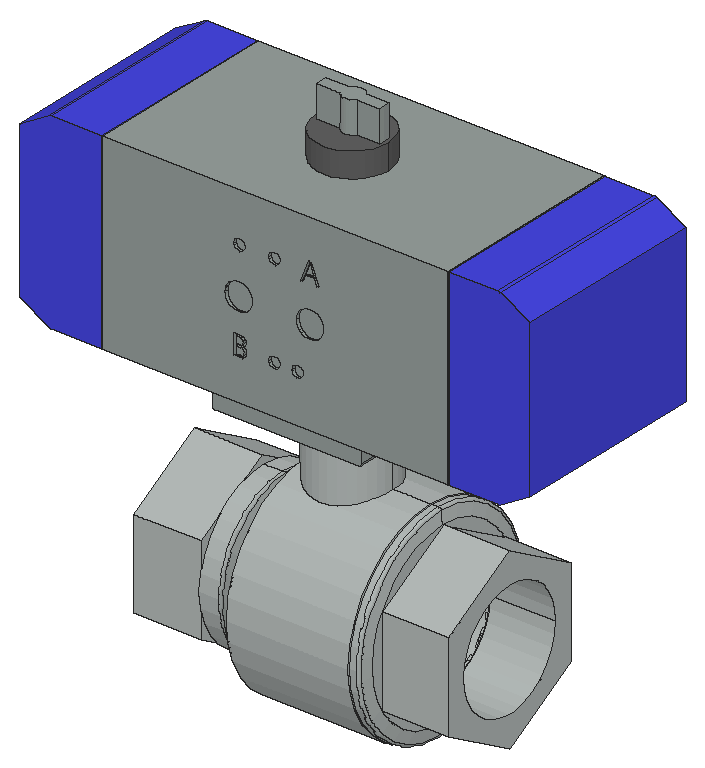
Revit family "QD34840000", category Apparecchi idraulici, Revit 2020
Family settings
  Quota connettore circolare = Usa diametro
  Tipo di parte = Normale
  Numero OmniClass = 23.45.00.00
  Titolo OmniClass = Sanitary, Laundry, and Cleaning Equipment
  Basato su piano di lavoro = No
  Sempre verticale = Sì
  Taglio con vuoti quando caricato = No
  Condiviso = No
  Punto di calcolo locali = No
Parameters
  URL = "https://web.cimberio.it/index.php/figura/1463?subcategoria_id=101"
  Temperatura di esercizio = "-20 ÷ 150°C"
  Prospetto di default = 0 mm
  Produttore = "CIMBERIO SPA"
  Pressione nominale = "PN 32"
  Modello = "Cim 870PDD006"
  Materiale = "Prodotto in lega di ottone conforme alla norma EN 12165-CW617N-DW"
  Descrizione = "Utilizzato nei più svariati settori dell'impiantistica: impianti di riscaldamento, condizionamento, idrici, igienico-sanitari, aria compressa e in generale con ogni fluido non corrosivo.\r\nParticolarmente indicato come valvola di zona per la regolazione e contabilizzazione di impianti di riscaldamento singoli o a zone, impianti con utilizzazione di energie alternative, impianti con fluidi caldi o freddi e impianti di automazione in genere."
  DN Model [instance] = QD34841040 : QD34841040
  DN [instance] = 40 mm
  Commenti sul tipo = "Realizzato in ottemperanza ai requisiti gestionali della norma EN ISO 9001.\r\nCollaudato al 100% secondo la normativa EN 12266-1"
Reference planes
  plane 1 "Centro (Fronte/Retro)": y = 0
  plane 2: z = 0
  plane 3 "Centro (Sinistra/Destra)": x = 0
Dimensions and locks
  aligned and locked: level to plane 2
Nested families
  nested 1: "QD34841040" at (0, 0, 0), type <- "DN Model", type "QD34841040"
  nested 2: "QD34841040" at (0, 0, 0), type <- "DN Model", type "QD34841040"
  nested 3: "QD34841040" at (0, 0, 0), type <- "DN Model", type "QD34841040"
  nested 4: "QD34841040" at (0, 0, 0), type <- "DN Model", type "QD34841040"
  nested 5: "QD34841040" at (0, 0, 0), type <- "DN Model", type "QD34841040"
  nested 6: "QD34841040" at (0, 0, 0), type <- "DN Model", type "QD34841040"
Connectors
  piping at (54, 0, 0), diameter 40, driven by "DN"
    settings: on nested 1, index 1, connector inside diameter 609.6 mm, connector length 0 mm, flow factor 0, pipe flow 0.0 L/s, pressure drop 0.0 Pa, fitting loss kfactor 0, connector angle 0.00°, fixture units 0, engagement length 0 mm, angle of deflection 0.00°, flow configuration 0, flow direction 0, fitting loss method 0, system type 7, joint type 0, gender type 0, connector reference index -1, connector utility 0, adjustable connector no, is connector primary yes, connector description ""
  piping at (-54, 0, 0), diameter 40, driven by "DN"
    settings: on nested 1, index 2, connector inside diameter 609.6 mm, connector length 0 mm, flow factor 0, pipe flow 0.0 L/s, pressure drop 0.0 Pa, fitting loss kfactor 0, connector angle 0.00°, fixture units 0, engagement length 0 mm, angle of deflection 0.00°, flow configuration 0, flow direction 0, fitting loss method 0, system type 7, joint type 0, gender type 0, connector reference index -1, connector utility 0, adjustable connector no, is connector primary no, connector description ""
Definition of nested family "QD34841040"
  Parameters (values of type "QD34841040")
    URL = "https://web.cimberio.it/index.php/figura/394?subcategoria_id="
    Temperatura di esercizio = "-10 ÷ 95°C"
    Default Elevation = 0 mm
    Manufacturer = "CIMBERIO SPA"
    Pressione nominale = "PN 16"
    Model = "Cim 32"
    Materiale = "Prodotto in lega di ottone conforme alla norma EN 12165-CW617N-DW"
    Description = "Impiegato nei più svariati settori dell'impiantistica in condutture anti-ritorno per: reti di distribuzione acqua potabile, impianti di riscaldamento, condizionamento, igienico-sanitari e in generale con ogni fluido non corrosivo."
    DN [instance] = 50 mm
    Type Comments = "Realizzato in ottemperanza ai requisiti gestionali della norma EN ISO 9001.\r\nCollaudato al 100% secondo la normativa EN 12266-1"
  Reference planes
    plane 1 "Centro (Fronte/Retro)": y = 0
    plane 2: z = 0
    plane 3 "Centro (Sinistra/Destra)": x = 0
  Forms (mm)
    Extrusion 1, solid
      sketch origin (0, 0, 43.8) x (1, 0, 0) y (0, 0, 1)
        loop
          line (-19.447, 41) -> (-19.447, 34.337)
          spline (-19.447, 34.337) -> (-19.438, 34.206) -> (-19.413, 34.078) -> (-19.371, 33.954) -> (-19.313, 33.837) -> (-19.24, 33.728) -> (-19.154, 33.63) -> (-19.056, 33.543) -> (-18.947, 33.471) -> (-18.83, 33.413) -> (-18.706, 33.371) -> (-18.578, 33.345) -> (-18.447, 33.337)
          line (-18.447, 33.337) -> (-15.923, 33.337) -> (16.973, 33.337) -> (18.447, 33.337)
          spline (18.447, 33.337) -> (18.578, 33.345) -> (18.706, 33.371) -> (18.83, 33.413) -> (18.947, 33.471) -> (19.056, 33.543) -> (19.154, 33.63) -> (19.24, 33.728) -> (19.313, 33.837) -> (19.371, 33.954) -> (19.413, 34.078) -> (19.438, 34.206) -> (19.447, 34.337)
          line (19.447, 34.337) -> (19.447, 41) -> (-19.447, 41)
      from 12 to -12
    Revolve 2, solid
      sketch origin (51.589, 0, -3.5) x (-1, 0, 0) y (0, 0, -1)
        loop
          line (82.189, 16.5) -> (82.189, 24) -> (75.632, 24)
          arc (75.632, 24) -> (74.484, 24.228) -> (73.51, 24.879) r 3
          line (73.51, 24.879) -> (66.389, 32) -> (24.589, 32) -> (24.589, 16.5) -> (82.189, 16.5)
        axis (82.189, -3.5) -> (24.589, -3.5)
      angle from 0 to 360
    Revolve 3, solid
      sketch origin (51.589, 0, -3.5) x (-1, 0, 0) y (0, 0, -1)
        loop
          line (20.371, 26.85) -> (20.371, 16.5) -> (24.589, 16.5) -> (24.589, 31.75) -> (22.074, 31.75)
          arc (22.074, 31.75) -> (21.431, 31.516) -> (21.089, 30.924) r 1
          line (21.089, 30.924) -> (20.371, 26.85)
        axis (24.589, -3.5) -> (20.371, -3.5)
      angle from 0 to 360
    Extrusion 4, solid
      sketch origin (-30.6, 0, 0) x (0, 1, 0) y (0, 0, -1)
        loop
          circle (0, 0) r 20
        loop
          line (0, -30.35) -> (26.284, -15.175) -> (26.284, 15.175) -> (0, 30.35) -> (-26.284, 15.175) -> (-26.284, -15.175) -> (0, -30.35)
      from 0 to 23.4
    Revolve 5, solid
      sketch origin (0, 0, 0) x (1, 0, 0) y (0, 0, 1)
        loop
          line (0, 62.195) -> (-14, 62.195) -> (-14, 20.882) -> (0, 20.882) -> (0, 62.195)
        axis (0, 62.195) -> (0, 20.882)
      angle from 0 to 360
    Extrusion 6, solid
      sketch origin (0, 0, 143.339) x (1, 0, 0) y (0, 1, 0)
        loop
          line (-59.387, 33.721) -> (-59.387, -33.279) -> (59.613, -33.279) -> (59.613, 33.721) -> (-59.387, 33.721)
      from -76.039 to -10.539
    Extrusion 7, solid
      sketch origin (0, 0, 35.8) x (1, 0, 0) y (0, 0, 1)
        loop
          line (-25.604, 41) -> (-25.604, 23.627)
          spline (-25.604, 23.627) -> (-25.595, 23.497) -> (-25.57, 23.369) -> (-25.528, 23.245) -> (-25.471, 23.128) -> (-25.399, 23.02) -> (-25.313, 22.922) -> (-25.215, 22.835) -> (-25.107, 22.763) -> (-24.99, 22.705) -> (-24.867, 22.662) -> (-24.74, 22.636) -> (-24.61, 22.627)
          line (-24.61, 22.627) -> (24.599, 22.627)
          spline (24.599, 22.627) -> (24.73, 22.635) -> (24.859, 22.66) -> (24.983, 22.702) -> (25.101, 22.759) -> (25.21, 22.832) -> (25.309, 22.918) -> (25.396, 23.016) -> (25.469, 23.125) -> (25.527, 23.243) -> (25.569, 23.367) -> (25.595, 23.496) -> (25.604, 23.627)
          line (25.604, 23.627) -> (25.604, 41) -> (-25.604, 41)
      from 28 to -33.067
    Extrusion 8, void
      sketch origin (35.5, -24.5, 143.964) x (1, 0, 0) y (0, 0, -1)
        loop
          line (-49.62, 62.638) -> (-49.62, 55.638) -> (-46.999, 55.638)
          arc (-46.999, 55.638) -> (-45.223, 56.862) -> (-45.734, 58.958) r 1.901
          arc (-45.734, 58.958) -> (-45.048, 61.248) -> (-46.992, 62.638) r 2.055
          line (-46.992, 62.638) -> (-49.62, 62.638)
        loop
          line (-48.633, 59.407) -> (-47.09, 59.407)
          arc (-47.09, 59.407) -> (-45.879, 60.619) -> (-47.09, 61.83) r 1.212
          line (-47.09, 61.83) -> (-48.633, 61.83) -> (-48.633, 59.407)
        loop
          line (-48.633, 56.445) -> (-47.299, 56.445)
          arc (-47.299, 56.445) -> (-46.222, 57.522) -> (-47.299, 58.599) r 1.077
          line (-47.299, 58.599) -> (-48.633, 58.599) -> (-48.633, 56.445)
        loop
          line (-23.79, 24.669) -> (-22.677, 24.669) -> (-19.897, 31.669) -> (-20.945, 31.669) -> (-21.741, 29.515) -> (-24.725, 29.515) -> (-25.522, 31.669) -> (-26.569, 31.669) -> (-23.79, 24.669)
        loop
          line (-22.039, 28.707) -> (-24.428, 28.707) -> (-23.233, 25.476) -> (-22.039, 28.707)
        loop
          circle (-47.5, 28.039) r 2
        loop
          circle (-35.5, 28.039) r 2
        loop
          circle (-47.75, 44.039) r 4.75
        loop
          circle (-23.25, 44.039) r 4.75
        loop
          circle (-35.5, 60.039) r 2
        loop
          circle (-27.5, 60.039) r 2
      from -7.858 to -10.081
    Extrusion 9, solid
      sketch origin (0, 0, 121.8) x (1, 0, 0) y (0, 1, 0)
        loop
          circle (0, 0) r 12.385
      from 11 to 19.5
    Extrusion 10, solid
      sketch origin (0, 0, 121.8) x (1, 0, 0) y (0, 1, 0)
        loop
          arc (2.986, 2.221) -> (0.113, 3.721) -> (-2.759, 2.221) r 3.5
          line (-2.759, 2.221) -> (-10.703, 2.221)
          arc (-10.703, 2.221) -> (-10.887, 0.221) -> (-10.703, -1.779) r 11
          line (-10.703, -1.779) -> (-2.759, -1.779)
          arc (-2.759, -1.779) -> (0.113, -3.279) -> (2.986, -1.779) r 3.5
          line (2.986, -1.779) -> (10.93, -1.779)
          arc (10.93, -1.779) -> (11.113, 0.221) -> (10.93, 2.221) r 11
          line (10.93, 2.221) -> (2.986, 2.221)
      from 30.35 to 19.5
    Extrusion 11, void
      sketch origin (-35.5, 24.5, 143.964) x (-1, 0, 0) y (0, 0, -1)
        loop
          line (-49.62, 62.638) -> (-49.62, 55.638) -> (-46.999, 55.638)
          arc (-46.999, 55.638) -> (-45.223, 56.862) -> (-45.734, 58.958) r 1.901
          arc (-45.734, 58.958) -> (-45.048, 61.248) -> (-46.992, 62.638) r 2.055
          line (-46.992, 62.638) -> (-49.62, 62.638)
        loop
          line (-48.633, 59.407) -> (-47.09, 59.407)
          arc (-47.09, 59.407) -> (-45.879, 60.619) -> (-47.09, 61.83) r 1.212
          line (-47.09, 61.83) -> (-48.633, 61.83) -> (-48.633, 59.407)
        loop
          line (-48.633, 56.445) -> (-47.299, 56.445)
          arc (-47.299, 56.445) -> (-46.222, 57.522) -> (-47.299, 58.599) r 1.077
          line (-47.299, 58.599) -> (-48.633, 58.599) -> (-48.633, 56.445)
        loop
          line (-23.79, 24.669) -> (-22.677, 24.669) -> (-19.897, 31.669) -> (-20.945, 31.669) -> (-21.741, 29.515) -> (-24.725, 29.515) -> (-25.522, 31.669) -> (-26.569, 31.669) -> (-23.79, 24.669)
        loop
          line (-22.039, 28.707) -> (-24.428, 28.707) -> (-23.233, 25.476) -> (-22.039, 28.707)
        loop
          circle (-47.5, 28.039) r 2
        loop
          circle (-35.5, 28.039) r 2
        loop
          circle (-47.75, 44.039) r 4.75
        loop
          circle (-23.25, 44.039) r 4.75
        loop
          circle (-35.5, 60.039) r 2
        loop
          circle (-27.5, 60.039) r 2
      from -10.971 to -8.567
    Extrusion 12, solid
      sketch origin (17.863, -30, 143.339) x (-1, 0, 0) y (0, 0, -1)
        loop
          line (95.396, 10.785) -> (105.363, 16.539) -> (105.363, 70.039) -> (95.45, 75.763)
          arc (95.45, 75.763) -> (94.952, 75.969) -> (94.418, 76.039) r 2.065
          line (94.418, 76.039) -> (77.25, 76.039) -> (77.25, 10.539) -> (94.48, 10.539)
          arc (94.48, 10.539) -> (94.954, 10.602) -> (95.396, 10.785) r 1.833
      from 3.279 to -63.721
    Extrusion 13, solid
      sketch origin (-17.863, -30, 143.339) x (1, 0, 0) y (0, 0, 1)
        loop
          arc (95.396, -10.785) -> (94.954, -10.602) -> (94.48, -10.539) r 1.833
          line (94.48, -10.539) -> (77.25, -10.539) -> (77.25, -76.039) -> (94.418, -76.039)
          arc (94.418, -76.039) -> (94.952, -75.969) -> (95.45, -75.763) r 2.065
          line (95.45, -75.763) -> (105.363, -70.039) -> (105.363, -16.539) -> (95.396, -10.785)
      from 3.279 to -63.721
    Extrusion 14, solid
      sketch origin (30.6, 0, 0) x (0, 1, 0) y (0, 0, 1)
        loop
          circle (0, 0) r 20
        loop
          line (0, 30.35) -> (-26.284, 15.175) -> (-26.284, -15.175) -> (0, -30.35) -> (26.284, -15.175) -> (26.284, 15.175) -> (0, 30.35)
      from 0 to 23.4
  Cuts and joins
    Extrusion 8, Extrusion 11 cuts Extrusion 6
  Dimensions and locks
    aligned and locked: level to plane 2
